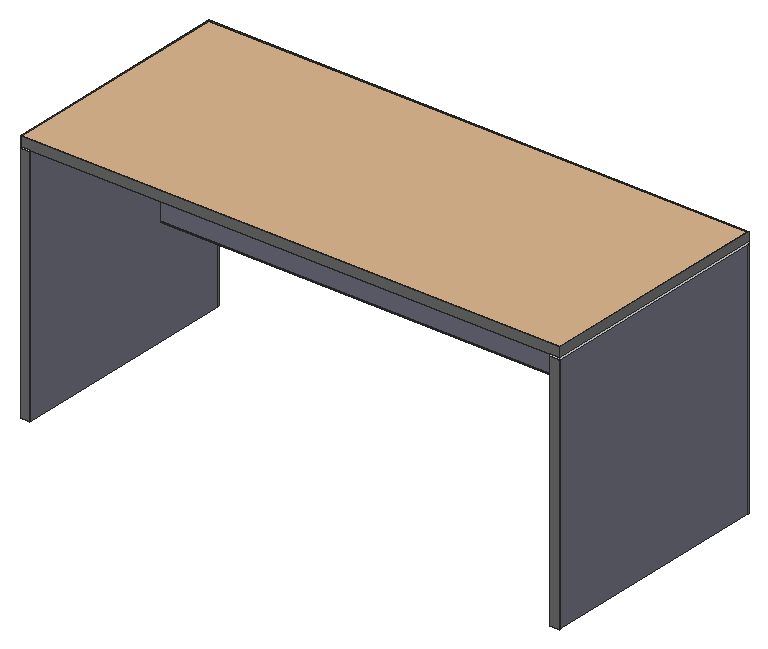
Revit family
Parameters
  W-TOP = Top
  PVC Edging = PVC Edging
  Model = "CA1608"
  Manufacturer = "Moran Modern Design"
  M-Modesty Panel = Body
  M-LEG = Body
  Description = "Melamine Desk "
  Cost = 1
  Assembly Code = ""
  Alu = Aluminium Strip
Reference planes
  plane 1 "Center (Front/Back)": y = 0
  plane 2: z = 0
  plane 3 "Center (Left/Right)": x = 0
Forms (mm)
  Extrusion 1, solid, material "Body" <- "M-LEG"
    sketch origin (0, 0, 0) x (1, 0, 0) y (0, 1, 0)
      loop
        line (-800, 348.5) -> (-800, -348.5) -> (-772, -348.5) -> (-772, 348.5) -> (-800, 348.5)
    from 0 to 717
  Extrusion 2, solid, material "Body" <- "M-LEG"
    sketch origin (0, 0, 0) x (1, 0, 0) y (0, 1, 0)
      loop
        line (772, 348.5) -> (772, -348.5) -> (800, -348.5) -> (800, 348.5) -> (772, 348.5)
    from 0 to 717
  Extrusion 3, solid, material "Body" <- "M-Modesty Panel"
    sketch origin (0, -50, 0) x (1, 0, 0) y (0, 1, 0)
      loop
        line (-772, 200) -> (-772, 183) -> (772, 183) -> (772, 200) -> (-772, 200)
    from 322 to 722
  Extrusion 4, solid, material "Aluminium Strip" <- "Alu"
    sketch origin (0, 0, 0) x (1, 0, 0) y (0, 1, 0)
      loop
        line (-800, 350) -> (-800, -350) -> (-772, -350) -> (-772, 350) -> (-800, 350)
    from 717 to 722
  Extrusion 5, solid, material "Aluminium Strip" <- "Alu"
    sketch origin (0, 0, 0) x (1, 0, 0) y (0, 1, 0)
      loop
        line (772, 350) -> (772, -350) -> (800, -350) -> (800, 350) -> (772, 350)
    from 717 to 722
  Extrusion 6, solid, material "PVC Edging" <- "PVC Edging"
    sketch origin (0, 0, 0) x (1, 0, 0) y (0, 1, 0)
      loop
        line (-800, 350) -> (-800, -350) -> (800, -350) -> (800, 350) -> (-800, 350)
      loop
        line (-798.5, 348.5) -> (-798.5, -348.5) -> (798.5, -348.5) -> (798.5, 348.5) -> (-798.5, 348.5)
    from 722 to 750
  Extrusion 7, solid, material "PVC Edging" <- "PVC Edging"
    sketch origin (0, -50, 0) x (1, 0, 0) y (0, 1, 0)
      loop
        line (-772, 398.5) -> (-772, 400) -> (-800, 400) -> (-800, 398.5) -> (-772, 398.5)
    from 0 to 717
  Extrusion 8, solid, material "PVC Edging" <- "PVC Edging"
    sketch origin (0, 50, 0) x (1, 0, 0) y (0, 1, 0)
      loop
        line (-772, -398.5) -> (-800, -398.5) -> (-800, -400) -> (-772, -400) -> (-772, -398.5)
    from 0 to 717
  Extrusion 9, solid, material "PVC Edging" <- "PVC Edging"
    sketch origin (0, -50, 0) x (1, 0, 0) y (0, 1, 0)
      loop
        line (772, 398.5) -> (800, 398.5) -> (800, 400) -> (772, 400) -> (772, 398.5)
    from 0 to 717
  Extrusion 10, solid, material "PVC Edging" <- "PVC Edging"
    sketch origin (0, 50, 0) x (1, 0, 0) y (0, 1, 0)
      loop
        line (800, -400) -> (800, -398.5) -> (772, -398.5) -> (772, -400) -> (800, -400)
    from 0 to 717
  Extrusion 11, solid, material "Top" <- "W-TOP"
    sketch origin (0, 0, 0) x (1, 0, 0) y (0, 1, 0)
      loop
        line (-798.5, 348.5) -> (-798.5, -348.5) -> (798.5, -348.5) -> (798.5, 348.5) -> (-798.5, 348.5)
    from 722 to 750
  Extrusion 12, solid, material "PVC Edging" <- "PVC Edging"
    sketch origin (0, -50, 3.5) x (0, 1, 0) y (0, 0, 1)
      loop
        line (200, 318.5) -> (183, 318.5) -> (183, 317) -> (200, 317) -> (200, 318.5)
    from -772 to 772
